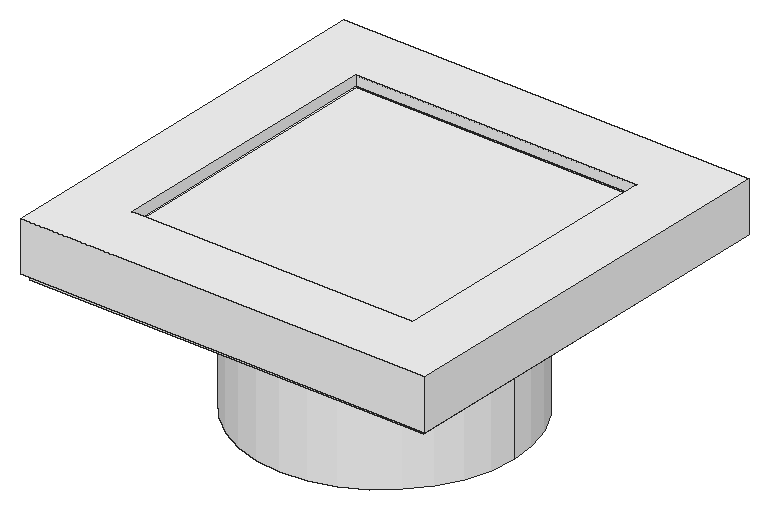
Revit family "Gira_283401", category Electrical Fixtures, host Face, Revit 2017
Family settings
  Host = Face
  Maintain Annotation Orientation = Yes
  Round Connector Dimension = Use Diameter
  Part Type = Normal
  Cut with Voids When Loaded = No
  Shared = No
  Room Calculation Point = No
Parameters (values of type "Rocker sw. BS 20 AX CB 2-p ctrl.l. System 55 cr.white")
  With mounting plate = "No"
  Wiring system = "2-pole switch"
  White [instance] = White
  Washing machine switch = "No"
  URL = "http://katalog.gira.de/en/datenblatt.html?artikelnr=283401"
  Type of lighting = "Other"
  Type of fastening = "Screw mounting"
  Surface protection = "Other"
  Suitable for degree of protection (IP) = "IP20"
  Rated current = "20"
  RAL-number (akin) = "1013"
  Push button switch = "No"
  Number of rockers = "1"
  Number of modules (module system) = "1"
  Nominal voltage = "250"
  Name = "Rocker sw. BS 20 AX CB 2-p ctrl.l. System 55 cr.white"
  Mounting method = "Flush mounted (plaster)"
  Model = ""
  Method of operation = "Rocker/button"
  Material quality = "Thermoplastic"
  Material = "Plastic"
  Manufacturer URL = "https://www.gira.de/"
  Manufacturer = "Gira"
  Label space/information surface = "No"
  Illumination = "Yes"
  HeinzeBIM = "https://bimportal.heinze.de/bim/rocker-sw-bs-20-ax-cb-2-p-ctrl-l-system-55-cr-white/a660f392cd602c1f6b8e08e8bb0d852f7d8e9415"
  Halogen free = "Yes"
  HAN = "283401"
  GTIN = "4010337078814"
  Function lighting = "Illuminated (on)"
  Feedback-signal contact = "No"
  Description = "Rock.sw.BS20AX CB 2-p ctrl.l Sys55 CW,British Standard rocker switch (BS EN 60669-1) 20 AX 250 V~ with rocker and control light ,System 55, Support ring 71 x 71 mm, circuit breaker 2-pole,cream white glossy,Features:,- With screw terminals.,,Notes :,- For screw mounting only."
  Default Elevation = 1219.2 mm
  Data sheet (1) = "https://katalog.gira.de/en/download.html?artikelnr=283401"
  Connection type = "Screwed terminal"
  Colour = "Cream white (electro white)"
  Category = "Switch"
  BIM (1) = "https://media.stage.bim.site/public/gira/36a6b08/Sys55_Komplettgerät_Schalten und Tasten.rfa?public/gira/36a6b08/Sys55_Komplettgerät_Schalten und Tasten.rfa"
  Available = "No"
  Assembly arrangement = "Basic element with central cover plate"
Reference planes
  plane 1 "Center (Front/Back)": y = 0
  plane 2: z = 0
  plane 3 "Center (Left/Right)": x = 0
Forms (mm)
  Extrusion 1, solid, material "White" <- "White", detail levels medium
    sketch origin (0, 0, 0) x (1, 0, 0) y (0, 1, 0)
      loop
        line (-40.4, 40.4) -> (-40.4, -40.4) -> (40.4, -40.4) -> (40.4, 40.4) -> (-40.4, 40.4)
      loop
        line (-28, 28) -> (-28, -28) -> (28, -28) -> (28, 28) -> (-28, 28)
    from 0 to 10
  Extrusion 2, solid, material "White" <- "White", detail levels fine
    sketch origin (0, 0, 0) x (1, 0, 0) y (0, 1, 0)
      loop
        line (-40.4, 40.4) -> (-40.4, -40.4) -> (40.4, -40.4) -> (40.4, 40.4) -> (-40.4, 40.4)
      loop
        line (-28, 28) -> (-28, -28) -> (28, -28) -> (28, 28) -> (-28, 28)
    from 0 to 10
  Extrusion 3, void
    sketch origin (0, 0, 0) x (1, 0, 0) y (0, 1, 0)
      loop
        line (-38.4, 38.4) -> (-38.4, -38.4) -> (38.4, -38.4) -> (38.4, 38.4) -> (-38.4, 38.4)
    from 0 to 8
  Extrusion 4, solid, material "White" <- "White", detail levels medium+fine
    sketch origin (0, 0, 0) x (1, 0, 0) y (0, 1, 0)
      loop
        line (-39.4, 39.4) -> (-39.4, -39.4) -> (39.4, -39.4) -> (39.4, 39.4) -> (-39.4, 39.4)
    from 0 to -1
  Extrusion 5, solid, material "White" <- "White", detail levels medium+fine
    sketch origin (0, 0, 0) x (1, 0, 0) y (0, 1, 0)
      loop
        line (-35.5, 35.5) -> (-35.5, -35.5) -> (35.5, -35.5) -> (35.5, 35.5) -> (-35.5, 35.5)
    from -2 to -3
  Extrusion 6, solid, material "White" <- "White", detail levels medium+fine
    sketch origin (0, 0, 0) x (1, 0, 0) y (0, 1, 0)
      loop
        circle (0, 0) r 26
    from 0 to -27.5
  Extrusion 7, solid, material "White" <- "White", detail levels coarse
    sketch origin (0, 0, 0) x (1, 0, 0) y (0, 1, 0)
      loop
        line (-40.4, 40.4) -> (-40.4, -40.4) -> (40.4, -40.4) -> (40.4, 40.4) -> (-40.4, 40.4)
    from -27.5 to 10
Cuts and joins
  Extrusion 3 cuts Extrusion 2
Dimensions and locks
  aligned and locked: plane 2 to host face
  aligned and locked: level to host face
  aligned and locked: plane 3 "Center (Left/Right)" to nested 2
  aligned and locked: plane 1 "Center (Front/Back)" to nested 2
Nested families
  nested 1: "Sys55_Abdeckung_Schalten und Tasten_floor_base" at (0, 0, 0), type "Sys55_Abdeckung_Schalten und Tasten_floor_base"
  nested 2: "Schalter" at (0, 0, 0), type "Schalter"
Connectors
  electrical at (0, 0, -27.5)
    settings: on Extrusion 6, index 1, voltage 220 V, apparent load 0 VA, apparent load phase1 0 VA, apparent load phase2 0 VA, apparent load phase3 0 VA, power factor 1, load classification "Other", number of poles 1, system type 30, power factor state 1, is connector primary yes, connector utility no, sub classification motor no, connector description ""
Definition of nested family "Sys55_Abdeckung_Schalten und Tasten_floor_base"
  Parameters
    Default Elevation = 1219.2 mm
    White [instance] = none
  Reference planes
    plane 1 "Center (Front/Back)": y = 0
    plane 2: z = 0
    plane 3 "Center (Left/Right)": x = 0
  Forms (mm)
    Extrusion 1, solid
      sketch origin (0, 0, 0) x (1, 0, 0) y (0, 1, 0)
        loop
          line (-1219.2, 1219.2) -> (-1219.2, -1219.2) -> (1219.2, -1219.2) -> (1219.2, 1219.2) -> (-1219.2, 1219.2)
      from 0 to -304.8
    Extrusion 2, solid, material <- "White", detail levels fine
      sketch origin (0, 0, 0) x (1, 0, 0) y (0, 1, 0)
        loop
          line (-27.5, 27.5) -> (-27.5, -27.5) -> (27.5, -27.5) -> (27.5, 27.5) -> (-27.5, 27.5)
      from 0 to 8
    Extrusion 3, void
      sketch origin (0, 0, 0) x (1, 0, 0) y (0, 1, 0)
        loop
          line (26, 26) -> (-26, 26) -> (-26, -26) -> (26, -26) -> (26, 26)
      from 0 to 6
    Extrusion 4, solid, material <- "White", detail levels medium
      sketch origin (0, 0, 0) x (1, 0, 0) y (0, 1, 0)
        loop
          line (-27.5, 27.5) -> (-27.5, -27.5) -> (27.5, -27.5) -> (27.5, 27.5) -> (-27.5, 27.5)
      from 0 to 8
    Extrusion 5, solid, material <- "White", detail levels medium
      sketch origin (0, 0, 0) x (1, 0, 0) y (0, 1, 0)
        loop
          line (11, -17.5) -> (11, 17.5) -> (-11, 17.5) -> (-11, -17.5) -> (11, -17.5)
      from -6 to 6
    Extrusion 6, solid, material <- "White", detail levels fine
      sketch origin (0, 0, 0) x (1, 0, 0) y (0, 1, 0)
        loop
          line (11, 17.5) -> (-11, 17.5) -> (-11, 16.5) -> (11, 16.5) -> (11, 17.5)
        loop
          line (-11, -16.5) -> (-11, -17.5) -> (11, -17.5) -> (11, -16.5) -> (-11, -16.5)
      from -4 to 6
    Extrusion 7, solid, material <- "White", detail levels fine
      sketch origin (0, 0, 0) x (1, 0, 0) y (0, 1, 0)
        loop
          arc (5, 9.347) -> (0, 10.6) -> (-5, 9.347) r 10.6
          line (-5, 9.347) -> (-5, -9.347)
          arc (-5, -9.347) -> (0, -10.6) -> (5, -9.347) r 10.6
          line (5, -9.347) -> (5, 9.347)
      from -6 to 6
    Extrusion 8, solid, material <- "White", detail levels coarse
      sketch origin (0, 0, 0) x (1, 0, 0) y (0, 1, 0)
        loop
          line (-27.5, 27.5) -> (-27.5, -27.5) -> (27.5, -27.5) -> (27.5, 27.5) -> (-27.5, 27.5)
      from -6 to 8
  Cuts and joins
    Extrusion 3 cuts Extrusion 2
  Dimensions and locks
    aligned and locked: plane 2 to Extrusion 1
    aligned and locked: level to Extrusion 1
Definition of nested family "Schalter"
  Reference planes
    plane 1: y = 0
    plane 2: x = 0
  Lines and regions (mm)
    detail lines
      curve 1: circle (1.375, 2.778, 0) r 0.8 normal (0, 0, 1)
      curve 2: line (1.021, 2.061, 0) -> (0, 0, 0)
      curve 3: line (0, 0, 0) -> (-0.538, 0.266, 0)
  Dimensions and locks
    curve 2 to curve 2 = 2.3 mm
    curve 3 to curve 2 = 0.6 mm
    radius of curve 1 = 0.8 mm
